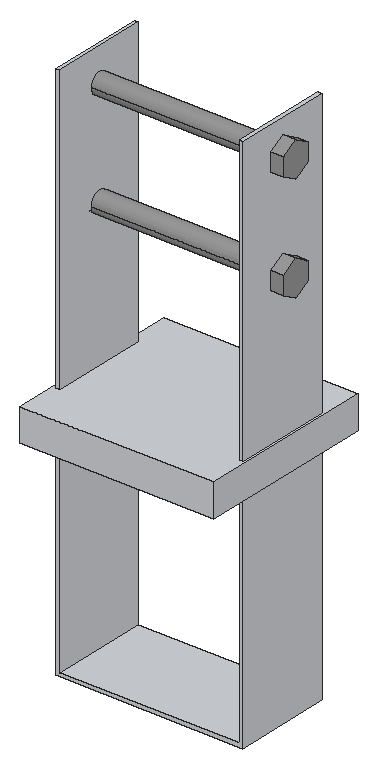
Revit family "060523 - W_P_C - Fastenings - Column Base - Simpson - CBS", category Structural Connections, Revit 2019
Family settings
  Material for Model Behavior = Other
  Work Plane-Based = No
  Enable cutting in views = Yes
  Always vertical = Yes
  Cut with Voids When Loaded = No
  Shared = No
Parameters (values of type "CBS66")
  W2 = 0' - 5 1/2"
  W1 = 0' - 5 1/2"
  Material = none
  H = 0' - 8 3/4"
  Gauge = 0' - 0 27/256"
  Flange Width = 0' - 3"
  D = 0' - 6 7/8"
Reference planes (in)
  plane 1 "Center (Front/Back)": y = 0
  plane 2: z = 0
  plane 3 "Center (Left/Right)": x = 0
  plane 4: x = -2.75
  plane 5: x = 2.75
  plane 6: y = 2.75
  plane 7: y = -2.75
  plane 8: x = 2.85547
  plane 9: x = -2.85547
  plane 10: y = 1.5
  plane 11: y = -1.5
  plane 12: x = 2.96094
  plane 13: x = -2.96094
  plane 14: z = 9.75
  plane 15: z = -6.875
  plane 16: z = 1
  plane 17: z = 8.75
  plane 18: z = 5.5
  plane 19: z = -6.76953
Forms (in)
  Extrusion 1, solid, material <- "Material"
    sketch origin (0, 0, 0) x (1, 0, 0) y (0, 1, 0)
      loop
        line (-2.96094, 2.75) -> (-2.96094, -2.75) -> (2.96094, -2.75) -> (2.96094, 2.75) -> (-2.96094, 2.75)
    from 0 to 1
  Extrusion 2, solid, material <- "Material"
    sketch origin (-2.85547, 5.74308, 48) x (0, 1, 0) y (0, 0, 1)
      loop
        line (-4.24308, -38.25) -> (-7.24308, -38.25) -> (-7.24308, -54.875) -> (-4.24308, -54.875) -> (-4.24308, -38.25)
    from 0 to 0.10547
  Extrusion 3, solid, material <- "Material"
    sketch origin (-2.85547, 5.74308, 48) x (0, 1, 0) y (0, 0, 1)
      loop
        line (-4.24308, -54.76953) -> (-7.24308, -54.76953) -> (-7.24308, -54.875) -> (-4.24308, -54.875) -> (-4.24308, -54.76953)
    from 0 to 5.71094
  Extrusion 4, solid, material <- "Material"
    sketch origin (2.85547, 6.4455, 48) x (0, 1, 0) y (0, 0, 1)
      loop
        line (-4.9455, -38.25) -> (-7.9455, -38.25) -> (-7.9455, -54.875) -> (-4.9455, -54.875) -> (-4.9455, -38.25)
    from 0 to -0.10547
Cuts and joins
  joined: Extrusion 2, Extrusion 3, Extrusion 4
Dimensions and locks (in)
  equal spacing: plane 4, plane 3 "Center (Left/Right)", plane 5
  equal spacing: plane 6, plane 1 "Center (Front/Back)", plane 7
  "W2": plane 6 to plane 7
  "W1": plane 4 to plane 5
  "Gauge": plane 5 to plane 8
  "Gauge": plane 9 to plane 4
  equal spacing: plane 10, plane 1 "Center (Front/Back)", plane 11
  plane 10 to plane 1 "Center (Front/Back)" to plane 11 = 0' - 1 1/2", 0' - 1 1/2"
  "Gauge": plane 13 to plane 9
  "Gauge": plane 8 to plane 12
  "H": plane 14 to plane 16
  locked: plane 16 to plane 2 at 1
  "D": plane 2 to plane 15
  "Flange Width": plane 10 to plane 11
  plane 14 to plane 17 to plane 18 = 0' - 1" locked, 0' - 3 1/4" locked
  "Gauge": plane 19 to plane 15
  aligned and locked: plane 2 to level
  aligned and locked: plane 13 to Extrusion 1 sketch curve
  aligned and locked: Extrusion 1 sketch curve to plane 6
  aligned and locked: Extrusion 1 sketch curve to plane 12
  aligned and locked: plane 7 to Extrusion 1 sketch curve
  aligned and locked: plane 11 to Extrusion 2 sketch curve
  aligned and locked: plane 4 to Extrusion 2
  aligned and locked: Extrusion 2 to plane 15
  aligned and locked: plane 14 to Extrusion 2
  aligned and locked: nested 1 to plane 17
  aligned and locked: nested 2 to plane 18
  aligned and locked: plane 15 to Extrusion 3 sketch curve
  aligned and locked: plane 11 to Extrusion 3 sketch curve
  aligned and locked: Extrusion 3 sketch curve to plane 10
  aligned and locked: Extrusion 3 sketch curve to plane 19
  aligned and locked: plane 8 to Extrusion 3
  aligned and locked: Extrusion 4 to plane 5
  aligned and locked: nested 1 to plane 8
  aligned and locked: nested 2 to plane 8
Automatic sketch dimensions
  Extrusion 2 sketch curve to plane 10 = 0' - 0"
  Extrusion 2 sketch curve to level = 0' - 6 7/8"
  level to Extrusion 2 sketch curve = 0' - 9 3/4"
  Extrusion 4 sketch curve to plane 11 = 0' - 0"
  Extrusion 4 sketch curve to plane 10 = 0' - 0"
  Extrusion 4 sketch curve to plane 15 = 0' - 0"
  Extrusion 4 sketch curve to plane 14 = 0' - 0"
Nested families (in)
  nested 1: "050523 - W_P_C - Fastenings - Lag Bolt or Thru Bolt" at (-2.85547, 0, 8.75) x (0, -1, 0) z (-1, 0, 0), type "5/8" x 6""
    with Thickness_of_Substrate 0' - 5 91/128", Nut_Visibility yes, Bolt Material (Size) STRUCTURAL BOLTS (PAINT TO MATCH STEEL FINISH), Side 0' - 0.54199", Radius 0' - 0 5/16", Length 0' - 6", Head Size 0' - 0 15/16", Head Radius 0' - 0 15/32", Diameter 0' - 0 5/8"
  nested 2: "050523 - W_P_C - Fastenings - Lag Bolt or Thru Bolt" at (-2.85547, 0, 5.5) x (0, -1, 0) z (-1, 0, 0), type "5/8" x 6""
    with Thickness_of_Substrate 0' - 5 91/128", Nut_Visibility yes, Bolt Material (Size) STRUCTURAL BOLTS (PAINT TO MATCH STEEL FINISH), Side 0' - 0.54199", Radius 0' - 0 5/16", Length 0' - 6", Head Size 0' - 0 15/16", Head Radius 0' - 0 15/32", Diameter 0' - 0 5/8"
Definition of nested family "050523 - W_P_C - Fastenings - Lag Bolt or Thru Bolt"
  Parameters (values of type "1/2" x 3"")
    Thickness_of_Substrate [instance] = 0' - 1"
    Side = Head Size * 0.57812  # 0' - 0 111/256"
    Radius = Diameter / 2  # 0' - 0 1/4"
    Nut_Visibility [instance] = yes
    Length = 0' - 3"
    Head Size = 0' - 0 3/4"
    Head Radius = Head Size / 2  # 0' - 0 3/8"
    Head Height = 0' - 0 27/64"
    Diameter = 0' - 0 1/2"
    Default Elevation = 4' - 0"
    Bolt Material (Size) [instance] = none
  Types (21): name | Side | Radius | Length | Head Size | Head Radius | Head Height | Diameter
    1/2" x 3" | 0' - 0 111/256" | 0' - 0 1/4" | 0' - 3" | 0' - 0 3/4" | 0' - 0 3/8" | 0' - 0 27/64" | 0' - 0 1/2"
    1/4" x 3" | 0' - 0.25293" | 0' - 0 1/8" | 0' - 3" | 0' - 0 7/16" | 0' - 0 7/32" | 0' - 0 11/64" | 0' - 0 1/4"
    5/16" x 3" | 0' - 0 37/128" | 0' - 0 5/32" | 0' - 3" | 0' - 0 1/2" | 0' - 0 1/4" | 0' - 0 7/32" | 0' - 0 5/16"
    3/8" x 3" | 0' - 0.3252" | 0' - 0 3/16" | 0' - 3" | 0' - 0 9/16" | 0' - 0 9/32" | 0' - 0 1/4" | 0' - 0 3/8"
    7/16" x 3" | 0' - 0.36133" | 0' - 0 7/32" | 0' - 3" | 0' - 0 5/8" | 0' - 0 5/16" | 0' - 0 19/64" | 0' - 0 7/16"
    5/8" x 3" | 0' - 0.54199" | 0' - 0 5/16" | 0' - 3" | 0' - 0 15/16" | 0' - 0 15/32" | 0' - 0 27/64" | 0' - 0 5/8"
    1/2" x 2 1/2" | 0' - 0 111/256" | 0' - 0 1/4" | 0' - 2 1/2" | 0' - 0 3/4" | 0' - 0 3/8" | 0' - 0 11/32" | 0' - 0 1/2"
    3/4" x 2" | 0' - 0.65039" | 0' - 0 3/8" | 0' - 2" | 0' - 1 1/8" | 0' - 0 9/16" | 0' - 0 1/2" | 0' - 0 3/4"
    3/8" x 1" | 0' - 0.3252" | 0' - 0 3/16" | 0' - 1" | 0' - 0 9/16" | 0' - 0 9/32" | 0' - 0 1/4" | 0' - 0 3/8"
    1/2" x 4" | 0' - 0 111/256" | 0' - 0 1/4" | 0' - 4" | 0' - 0 3/4" | 0' - 0 3/8" | 0' - 0 1/2" | 0' - 0 1/2"
    1/2" x 2" | 0' - 0 111/256" | 0' - 0 1/4" | 0' - 2" | 0' - 0 3/4" | 0' - 0 3/8" | 0' - 0 1/2" | 0' - 0 1/2"
    ONE | 0' - 0 111/128" | 0' - 0 1/2" | 0' - 3" | 0' - 1 1/2" | 0' - 0 3/4" | 0' - 0 151/256" | 0' - 1"
    3/4" x 4" | 0' - 0.65039" | 0' - 0 3/8" | 0' - 3" | 0' - 1 1/8" | 0' - 0 9/16" | 0' - 0 1/2" | 0' - 0 3/4"
    #10 | 0' - 0.1626" | 0' - 0.09961" | 0' - 4" | 0' - 0 9/32" | 0' - 0 9/64" | 0' - 0 1/8" | 0' - 0 51/256"
    1/4" | 0' - 0.25293" | 0' - 0 1/8" | 0' - 4" | 0' - 0 7/16" | 0' - 0 7/32" | 0' - 0 11/64" | 0' - 0 1/4"
    1" | 0' - 0 111/128" | 0' - 0 1/2" | 0' - 4" | 0' - 1 1/2" | 0' - 0 3/4" | 0' - 0 43/64" | 0' - 1"
    7/8" | 0' - 0.75879" | 0' - 0 7/16" | 0' - 4" | 0' - 1 5/16" | 0' - 0 21/32" | 0' - 0 37/64" | 0' - 0 7/8"
    5/8" | 0' - 0.54199" | 0' - 0 5/16" | 0' - 10 1/2" | 0' - 0 15/16" | 0' - 0 15/32" | 0' - 0 27/64" | 0' - 0 5/8"
    1/2" | 0' - 0 111/256" | 0' - 0 1/4" | 0' - 4" | 0' - 0 3/4" | 0' - 0 3/8" | 0' - 0 1/2" | 0' - 0 1/2"
    3/4" | 0' - 0.65039" | 0' - 0 3/8" | 0' - 7" | 0' - 1 1/8" | 0' - 0 9/16" | 0' - 0 1/2" | 0' - 0 3/4"
    3/8" | 0' - 0.3252" | 0' - 0 3/16" | 0' - 4" | 0' - 0 9/16" | 0' - 0 9/32" | 0' - 0 1/4" | 0' - 0 3/8"
  Reference planes (in)
    plane 1 "Center (Front/Back)": y = 0
    plane 2: z = 0
    plane 3 "Center (Left/Right)": x = 0
    plane 4: z = 0.42187
    plane 5: z = -3
    plane 6: y = 0
    plane 7: x = 0
    plane 8: z = -1
  Forms (in)
    Extrusion 1, solid, material <- "Bolt Material (Size)"
      sketch origin (0, 0, 0) x (1, 0, 0) y (0, 1, 0)
        loop
          circle (0, 0) r 0.25
      from -3 to 0
  Lines and regions (in)
    model lines
      curve 1: line (0, -0.64952, 0.42188) -> (0, 0.64952, 0.42188)
      curve 2: line (0.375, 0, 0.42188) -> (-0.375, 0, 0.42188)
    symbolic lines
      curve 3: line (0, 0, 0.42187) -> (0, 0, -3)
      curve 4: line (0, 0, 0.42187) -> (0, 0, -3)
  Dimensions and locks (in)
    "Head Height": plane 4 to level
    "Length": level to plane 5
    "Thickness_of_Substrate": plane 2 to plane 8
    "Radius": radius of Extrusion 1 sketch curve
    aligned and locked: level to plane 2
    aligned and locked: Extrusion 1 to plane 5
    aligned and locked: plane 7 to curve 1
    aligned and locked: plane 6 to curve 2
    aligned and locked: plane 6 to curve 4
  Automatic sketch dimensions
    curve 3 to plane 3 "Center (Left/Right)" = 0' - 0"
    curve 3 to plane 5 = 0' - 0"
    curve 3 to plane 4 = 0' - 0"
    curve 4 to plane 5 = 0' - 0"
    curve 4 to plane 4 = 0' - 0"
    curve 1 to curve 2 = 0' - 0.64952"
    curve 2 to curve 1 = 0' - 0.64952"
    curve 2 to nested 1 = 0' - 0"  (x2)
    plane 1 "Center (Front/Back)" to Extrusion 1 sketch curve = 0' - 0"
    Extrusion 1 sketch curve to plane 3 "Center (Left/Right)" = 0' - 0"
  Nested families (in)
    nested 1: "Nut" at (0, 0, 0), Diameter <- "Diameter", Head Height <- "Head Height", Head Size <- "Head Size", Bolt Material (Size) <- "Bolt Material (Size)", type "one"
      with Side 0' - 0 111/256", Radius 0' - 0 1/4", Head Size 0' - 0 3/4", Head Radius 0' - 0 3/8", Head Height 0' - 0 27/64", Diameter 0' - 0 1/2", Bolt Material (Size) none
    nested 2: "Nut" at (0, 0, -1) x (1, 0, 0) z (0, 0, -1), Diameter <- "Diameter", Head Height <- "Head Height", Head Size <- "Head Size", visible <- "Nut_Visibility", type "one"
      with Side 0' - 0 111/256", Radius 0' - 0 1/4", Head Size 0' - 0 3/4", Head Radius 0' - 0 3/8", Head Height 0' - 0 27/64", Diameter 0' - 0 1/2", Bolt Material (Size) none
  Definition of nested family "Nut"
    Parameters (values of type "one")
      Side [instance] = Head Size * 0.57812  # 0' - 0 111/256"
      Radius [instance] = Diameter / 2  # 0' - 0 1/4"
      Head Size [instance] = 0' - 0 3/4"
      Head Radius [instance] = Head Size / 2  # 0' - 0 3/8"
      Head Height [instance] = 0' - 0 11/32"
      Diameter [instance] = 0' - 0 1/2"
      Default Elevation = 4' - 0"
      Bolt Material (Size) [instance] = none
    Reference planes (in)
      plane 1 "Center (Front/Back)": y = 0
      plane 2: z = 0
      plane 3 "Center (Left/Right)": x = 0
      plane 4: z = 0.34375
      plane 5: y = 0
      plane 6: x = 0
    Forms (in)
      Extrusion 1, solid, material <- "Bolt Material (Size)"
        sketch origin (0, 0, 0) x (1, 0, 0) y (0, 1, 0)
          loop
            line (0, 0.43301) -> (-0.375, 0.21651) -> (-0.375, -0.21651) -> (0, -0.43301) -> (0.375, -0.21651) -> (0.375, 0.21651) -> (0, 0.43301)
        from 0 to 0.34375
    Lines and regions (in)
      symbolic lines
        curve 1: line (0, 0, 0.34375) -> (0, 0, -3)
    Dimensions and locks (in)
      "Head Height": plane 4 to level
      "Head Radius": Extrusion 1 sketch curve to plane 3 "Center (Left/Right)"
      "Head Radius": Extrusion 1 sketch curve to plane 6
      "Head Radius": Extrusion 1 sketch curve to plane 5  (x2)
      locked: Extrusion 1 sketch curve to Extrusion 1 sketch curve (angle 120.00°)  (x5)
      aligned and locked: level to plane 2
      aligned and locked: Extrusion 1 to plane 4
      aligned and locked: plane 5 to curve 1
    Automatic sketch dimensions
      curve 1 to plane 4 = 0' - 0"
      curve 1 to level = 0' - 3"
      Extrusion 1 sketch curve to plane 3 "Center (Left/Right)" = 0' - 0"  (x2)
